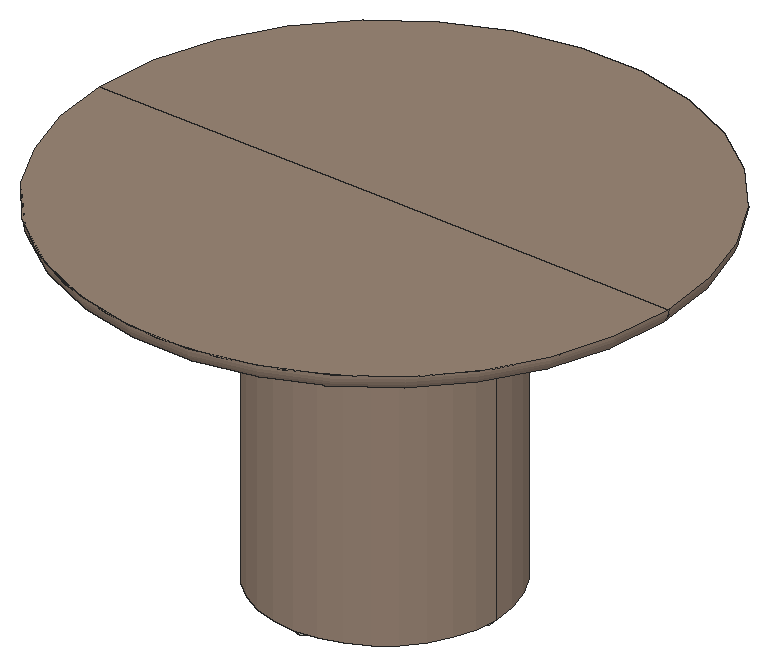
Revit family "Table-Teknion-CFRHBD_Figure_Table_Round_Drum_Base_Half_Bullnose_Edge-R2023", category Furniture, Revit 2023 (continued)
Definition of nested family "12 Inch Standard Recessed Access Door"
  Automatic sketch dimensions
    curve 31 to curve 39 = 0.05512"
    curve 39 to curve 33 = 0.3622"
    curve 31 to curve 36 = 0.0315"
    curve 2 to plane 6 "Back" = 0.2478"
    curve 31 to curve 2 = 0.04331"
    curve 32 to curve 53 = 0.04331"
    curve 35 to curve 47 = 0.05512"
    curve 36 to curve 45 = 0.05512"
    curve 5 to curve 66 = 0.05512"
    curve 7 to curve 64 = 0.05512"
    curve 47 to curve 44 = 0.11687"
    curve 66 to curve 57 = 0.17714"
    curve 4 to curve 65 = 0.2478"
    curve 6 to curve 64 = 0.21677"
    curve 51 to curve 46 = 0.3162"
    curve 48 to curve 14 = 0.28779"
    curve 15 to curve 23 = 0.00945"
    curve 32 to curve 36 = 0.00142"
    curve 22 to curve 26 = 0.00142"
    curve 33 to curve 39 = 0.10628"
    curve 23 to curve 29 = 0.10628"
    curve 14 to curve 13 = 0.58977"
    curve 19 to curve 17 = 0.58977"
    curve 39 to curve 17 = 0.11574"
    curve 28 to curve 56 = 0.8366"
    curve 28 to curve 27 = 0.10486"
    curve 38 to curve 37 = 0.10486"
    curve 36 to curve 31 = 0.00142"
    curve 28 to curve 24 = 0.10628"
    curve 57 to curve 10 = 0.29867"
    plane 6 "Back" to Masking region 1 sketch curve = 0.000"
    plane 7 "Front" to Masking region 1 sketch curve = 0.000"
    Masking region 1 sketch curve to plane 7 "Front" = 0.46457"
    plane 5 "Right" to Masking region 1 sketch curve = 12.05512"
    Masking region 1 sketch curve to Masking region 1 sketch curve = 0.28742"  (x2)
    Masking region 1 sketch curve to Masking region 1 sketch curve = 0.17714"  (x3)
    Masking region 1 sketch curve to Masking region 1 sketch curve = 0.07208"  (x3)
    Masking region 1 sketch curve to Masking region 1 sketch curve = 0.11687"  (x4)
    Masking region 1 sketch curve to Masking region 1 sketch curve = 0.05512"  (x4)
    Masking region 1 sketch curve to plane 7 "Front" = 0.28742"
    Masking region 1 sketch curve to Masking region 1 sketch curve = 11.01575"
    Masking region 1 sketch curve to plane 6 "Back" = 0.51969"
    Masking region 1 sketch curve to Masking region 1 sketch curve = 0.000"
    Masking region 1 sketch curve to Masking region 1 sketch curve = 0.04331"  (x2)
    Masking region 1 sketch curve to Masking region 1 sketch curve = 0.3162"
    Masking region 1 sketch curve to Masking region 1 sketch curve = 0.29867"  (x3)
    Masking region 1 sketch curve to Masking region 1 sketch curve = 0.73174"  (x2)
Definition of nested family "Teknion_2D_Node_Family-R2016"
  Reference planes (in)
    plane 1 "Center (Front/Back)": y = 0
    plane 2: z = 0
    plane 3 "Center (Left/Right)": x = 0
  Lines and regions (in)
    detail lines, in view "Ref. Level"
      curve 1: circle (0, 0, 0) r 1.25 normal (0, 0, 1)
      curve 2: line (1.91508, -1.91508, 0) -> (-1.91508, 1.91508, 0)
      curve 3: line (-1.91508, -1.91508, 0) -> (1.91508, 1.91508, 0)
